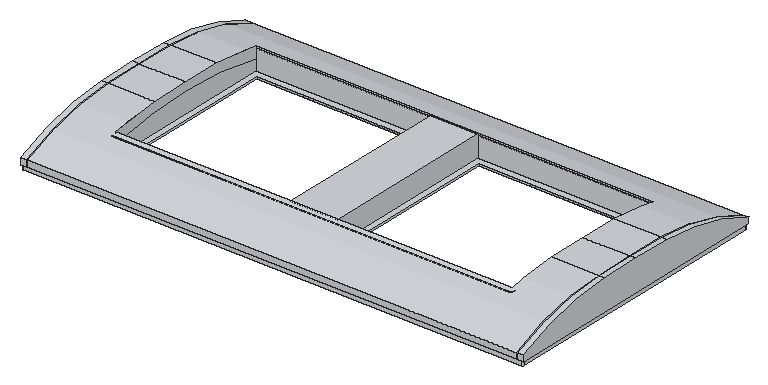
Revit family "Gira_0212733", category Electrical Fixtures, host Face, Revit 2017
Family settings
  Host = Face
  Maintain Annotation Orientation = No
  Round Connector Dimension = Use Diameter
  Part Type = Normal
  Cut with Voids When Loaded = No
  Shared = No
  Room Calculation Point = No
Parameters (values of type "Abdeckrahmen 2f Zwischenr. RW Gira Event Klar Schwarz")
  Werkstoffgüte = "Thermoplast"
  Werkstoff = "Kunststoff"
  URL = "http://katalog.gira.de/de_DE/datenblatt.html?artikelnr=0212733"
  Transparent = "No"
  Textfeld/Beschriftungsfläche = "No"
  Schutzart (IP) = "IP20"
  Region = "DE"
  Oberfläche = "sonstige"
  Name = "Abdeckrahmen 2f Zwischenr. RW Gira Event Klar Schwarz"
  Montagerichtung = "horizontal und vertikal"
  Mit Montagerahmen = "No"
  Mit Klappdeckel = "No"
  Manufacturer URL = "https://www.gira.de/"
  Keynote = "Event_Rahmen_2fach"
  HeinzeBIM = "https://bimportal.heinze.de/bim/abdeckrahmen-2f-zwischenr-rw-gira-event-klar-schwarz/b4dfec2ce8484905cb165cc5e13e5e3b6ba99a46"
  Halogenfrei = "Yes"
  HAN = "0212733"
  Geeignet für Unterputz-Installation = "Yes"
  Geeignet für Unterflurkanaldose = "No"
  Geeignet für Geräteeinbaukanal = "No"
  Geeignet für Einbauinstallation = "No"
  GTIN = "4010337068815"
  Farbe = "schwarz"
  Default Elevation = 1219.2 mm
  Data sheet (1) = "https://katalog.gira.de/de_DE/download.html?artikelnr=0212733"
  Category = "Abdeckrahmen"
  Befestigungsart = "Klemmbefestigung"
  Available = "Yes"
  Ausführung der Oberfläche = "glänzend"
  Anzahl der Einheiten vertikal = "2 "
  Anzahl der Einheiten horizontal = "2 "
  Anzahl der Einheiten = "2 "
Reference planes
  plane 1 "Center (Front/Back)": y = 0
  plane 2: z = 0
  plane 3 "Center (Left/Right)": x = 0
Forms (mm)
  Extrusion 1, solid, detail levels fine
    sketch origin (0, 0, 0.05) x (0, 1, 0) y (0, 0, 1)
      loop
        arc (12.445, 9.683) -> (6.223, 9.833) -> (0, 9.85) r 291.636
        arc (0, 9.85) -> (-6.223, 9.833) -> (-12.445, 9.683) r 291.636
        arc (-12.445, 9.683) -> (-29.14, 7.482) -> (-45, 1.823) r 79.728
        line (-45, 1.823) -> (-45, -0.05) -> (-42.086, -0.05)
        arc (-42.086, -0.05) -> (-21.385, 5.559) -> (0, 7.206) r 114.424
        arc (0, 7.206) -> (21.385, 5.559) -> (42.086, -0.05) r 114.424
        line (42.086, -0.05) -> (45, -0.05) -> (45, 1.823)
        arc (45, 1.823) -> (29.14, 7.482) -> (12.445, 9.683) r 79.728
    from -78.55 to 78.55
  Extrusion 2, void, detail levels fine
    sketch origin (0, 0, 0) x (1, 0, 0) y (0, 1, 0)
      loop
        line (-63.55, -27.937) -> (63.55, -27.937) -> (63.55, 28.063) -> (-63.55, 28.063) -> (-63.55, -27.937)
    from 0.724 to 11
  Extrusion 3, solid, detail levels coarse
    sketch origin (0, 0, 0) x (1, 0, 0) y (0, 1, 0)
      loop
        line (-80.55, 45) -> (-80.55, -45) -> (80.55, -45) -> (80.55, 45) -> (-80.55, 45)
    from -1.5 to 9.9
  Extrusion 4, solid, detail levels medium
    sketch origin (0, 0, 0.05) x (0, 1, 0) y (0, 0, 1)
      loop
        arc (12.445, 9.683) -> (6.223, 9.833) -> (0, 9.85) r 291.636
        arc (0, 9.85) -> (-6.223, 9.833) -> (-12.445, 9.683) r 291.636
        arc (-12.445, 9.683) -> (-29.14, 7.482) -> (-45, 1.823) r 79.728
        line (-45, 1.823) -> (-45, -0.05) -> (45, -0.05) -> (45, 1.823)
        arc (45, 1.823) -> (29.14, 7.482) -> (12.445, 9.683) r 79.728
    from -80.55 to 80.55
  Extrusion 5, solid, detail levels fine
    sketch origin (-35.55, 0, -1.5) x (0, 1, 0) y (0, 0, -1)
      loop
        line (45, -3.373) -> (45, -1.5) -> (-45, -1.5) -> (-45, -3.373)
        arc (-45, -3.373) -> (-29.14, -9.032) -> (-12.445, -11.233) r 79.728
        arc (-12.445, -11.233) -> (-6.223, -11.383) -> (0, -11.4) r 291.636
        arc (0, -11.4) -> (6.223, -11.383) -> (12.445, -11.233) r 291.636
        arc (12.445, -11.233) -> (29.14, -9.032) -> (45, -3.373) r 79.728
    from 43 to 45
  Extrusion 6, solid, detail levels fine
    sketch origin (0, 0, 0) x (1, 0, 0) y (0, 1, 0)
      loop
        line (-61.45, 25.7) -> (-61.45, -25.7) -> (-9.65, -25.7) -> (-9.65, 25.7) -> (-61.45, 25.7)
      loop
        line (61.45, -25.7) -> (61.45, 25.7) -> (9.65, 25.7) -> (9.65, -25.7) -> (61.45, -25.7)
      loop
        line (-64.445, 28.49) -> (-64.445, -28.495)
        spline (-64.445, -28.495) -> (-64.436, -28.625) -> (-64.411, -28.754) -> (-64.369, -28.878) -> (-64.311, -28.995) -> (-64.238, -29.104) -> (-64.152, -29.202) -> (-64.054, -29.288) -> (-63.945, -29.361) -> (-63.828, -29.419) -> (-63.704, -29.461) -> (-63.575, -29.486) -> (-63.445, -29.495)
        line (-63.445, -29.495) -> (63.445, -29.495)
        spline (63.445, -29.495) -> (63.575, -29.486) -> (63.704, -29.461) -> (63.828, -29.419) -> (63.945, -29.361) -> (64.054, -29.288) -> (64.152, -29.202) -> (64.238, -29.104) -> (64.311, -28.995) -> (64.369, -28.878) -> (64.411, -28.754) -> (64.436, -28.625) -> (64.445, -28.495)
        line (64.445, -28.495) -> (64.445, 28.49)
        spline (64.445, 28.49) -> (64.436, 28.62) -> (64.411, 28.748) -> (64.369, 28.872) -> (64.311, 28.99) -> (64.238, 29.098) -> (64.152, 29.197) -> (64.054, 29.283) -> (63.945, 29.356) -> (63.828, 29.413) -> (63.704, 29.456) -> (63.575, 29.481) -> (63.445, 29.49)
        line (63.445, 29.49) -> (-63.445, 29.49)
        spline (-63.445, 29.49) -> (-63.575, 29.481) -> (-63.704, 29.456) -> (-63.828, 29.413) -> (-63.945, 29.356) -> (-64.054, 29.283) -> (-64.152, 29.197) -> (-64.238, 29.098) -> (-64.311, 28.99) -> (-64.369, 28.872) -> (-64.411, 28.748) -> (-64.436, 28.62) -> (-64.445, 28.49)
    from 0.1 to 7.3
  Extrusion 7, solid
    sketch origin (0, 0, 0) x (1, 0, 0) y (0, 1, 0)
      loop
        arc (-80.25, -44.2) -> (-80.104, -44.554) -> (-79.75, -44.7) r 0.5
        line (-79.75, -44.7) -> (79.75, -44.7)
        arc (79.75, -44.7) -> (80.104, -44.554) -> (80.25, -44.2) r 0.5
        line (80.25, -44.2) -> (80.25, 44.2)
        arc (80.25, 44.2) -> (80.104, 44.554) -> (79.75, 44.7) r 0.5
        line (79.75, 44.7) -> (-79.75, 44.7)
        arc (-79.75, 44.7) -> (-80.104, 44.554) -> (-80.25, 44.2) r 0.5
        line (-80.25, 44.2) -> (-80.25, -44.2)
      loop
        line (-78.55, 43) -> (-78.55, -43) -> (78.55, -43) -> (78.55, 43) -> (-78.55, 43)
    from -1.5 to 0.5
  Extrusion 8, solid, detail levels fine
    sketch origin (35.55, 0, -1.5) x (0, 1, 0) y (0, 0, 1)
      loop
        arc (45, 3.373) -> (29.14, 9.032) -> (12.445, 11.233) r 79.728
        arc (12.445, 11.233) -> (6.223, 11.383) -> (0, 11.4) r 291.636
        arc (0, 11.4) -> (-6.223, 11.383) -> (-12.445, 11.233) r 291.636
        arc (-12.445, 11.233) -> (-29.14, 9.032) -> (-45, 3.373) r 79.728
        line (-45, 3.373) -> (-45, 1.5) -> (45, 1.5) -> (45, 3.373)
    from 43 to 45
  Extrusion 9, solid, detail levels medium
    sketch origin (0, 0, 0) x (1, 0, 0) y (0, 1, 0)
      loop
        line (-80.25, -44.7) -> (80.25, -44.7) -> (80.25, 44.7) -> (-80.25, 44.7) -> (-80.25, -44.7)
    from -1.5 to 0.5
  Extrusion 10, solid, detail levels fine
    sketch origin (0, 0, 0) x (1, 0, 0) y (0, 1, 0)
      loop
        line (-7.55, 28.063) -> (-7.55, -27.937) -> (7.55, -27.937) -> (7.55, 28.063) -> (-7.55, 28.063)
    from 0.724 to 7.566
Cuts and joins
  Extrusion 2 cuts Extrusion 1
  Extrusion 2 cuts Extrusion 6
Dimensions and locks
  aligned and locked: plane 2 to host face
  aligned and locked: level to host face
